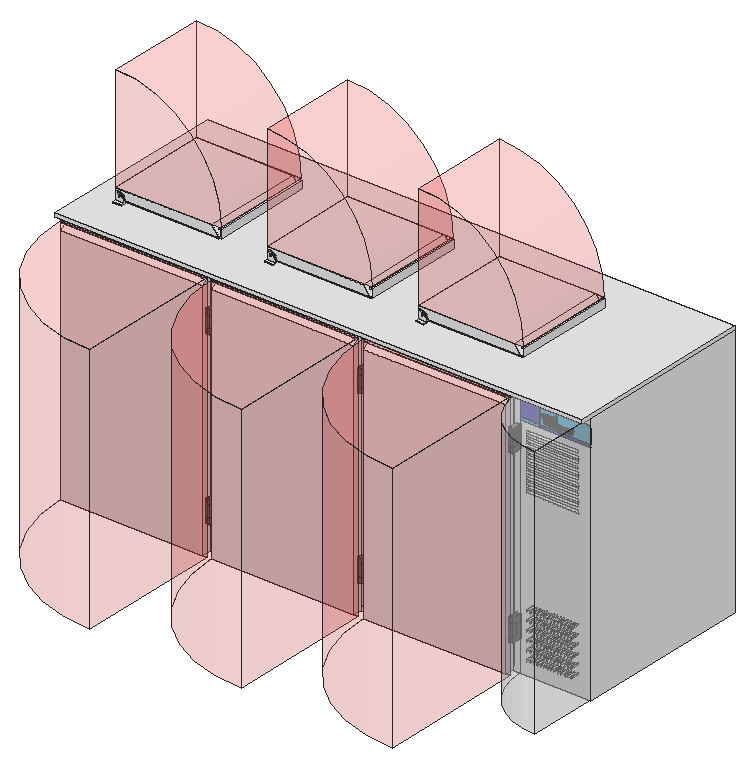
Revit family "QF_Cool-Compact_Abfallkuehler_3x240L_EK", category Sonderausstattung, Revit 2020 (continued)
Automatic sketch dimensions
  Extrusion 62 sketch curve to Extrusion 62 sketch curve = 17 mm
  plane 3 "Vorne" to Extrusion 12 sketch curve = 221.5 mm
  plane 3 "Vorne" to Extrusion 17 sketch curve = 210 mm
  plane 3 "Vorne" to Extrusion 18 sketch curve = 210 mm
  plane 3 "Vorne" to Extrusion 19 sketch curve = 190 mm
  Extrusion 19 sketch curve to Extrusion 19 sketch curve = 17 mm
  plane 3 "Vorne" to Extrusion 45 sketch curve = 221.5 mm
  plane 3 "Vorne" to Extrusion 48 sketch curve = 210 mm
  plane 3 "Vorne" to Extrusion 49 sketch curve = 210 mm
  plane 3 "Vorne" to Extrusion 50 sketch curve = 190 mm
  Extrusion 50 sketch curve to Extrusion 50 sketch curve = 17 mm
  plane 3 "Vorne" to Extrusion 56 sketch curve = 221.5 mm
  plane 3 "Vorne" to Extrusion 59 sketch curve = 210 mm
  plane 3 "Vorne" to Extrusion 60 sketch curve = 210 mm
  plane 3 "Vorne" to Extrusion 61 sketch curve = 190 mm
  Extrusion 61 sketch curve to Extrusion 61 sketch curve = 17 mm
  plane 6 "Hinten" to Extrusion 1 sketch curve = 0 mm
  plane 6 "Hinten" to Extrusion 7 sketch curve = 0 mm
  plane 6 "Hinten" to Extrusion 24 sketch curve = 15 mm
  Extrusion 24 sketch curve to Extrusion 24 sketch curve = 15 mm
  plane 6 "Hinten" to Extrusion 27 sketch curve = 0 mm
  plane 6 "Hinten" to Extrusion 28 sketch curve = 15 mm
  Extrusion 28 sketch curve to Extrusion 28 sketch curve = 15 mm
  plane 6 "Hinten" to Extrusion 30 sketch curve = 50 mm
  plane 7 "Mitte (Vorne/hinten)" to Extrusion 12 sketch curve = 223.5 mm
  plane 7 "Mitte (Vorne/hinten)" to Extrusion 17 sketch curve = 235 mm
  plane 7 "Mitte (Vorne/hinten)" to Extrusion 18 sketch curve = 235 mm
  Extrusion 20 sketch curve to plane 7 "Mitte (Vorne/hinten)" = 255 mm
  plane 7 "Mitte (Vorne/hinten)" to Extrusion 45 sketch curve = 223.5 mm
  plane 7 "Mitte (Vorne/hinten)" to Extrusion 48 sketch curve = 235 mm
  plane 7 "Mitte (Vorne/hinten)" to Extrusion 49 sketch curve = 235 mm
  Extrusion 51 sketch curve to plane 7 "Mitte (Vorne/hinten)" = 255 mm
  plane 7 "Mitte (Vorne/hinten)" to Extrusion 56 sketch curve = 223.5 mm
  plane 7 "Mitte (Vorne/hinten)" to Extrusion 59 sketch curve = 235 mm
  plane 7 "Mitte (Vorne/hinten)" to Extrusion 60 sketch curve = 235 mm
  Extrusion 62 sketch curve to plane 7 "Mitte (Vorne/hinten)" = 255 mm
  curve 27 to plane 7 "Mitte (Vorne/hinten)" = 0 mm
  curve 28 to plane 3 "Vorne" = 0 mm
  curve 30 to plane 7 "Mitte (Vorne/hinten)" = 0 mm
  curve 32 to plane 3 "Vorne" = 0 mm
  curve 31 to plane 7 "Mitte (Vorne/hinten)" = 0 mm
  curve 34 to plane 3 "Vorne" = 0 mm
  curve 36 to plane 3 "Vorne" = 0 mm
  curve 36 to plane 4 "Rechts" = 0 mm
  plane 4 "Rechts" to curve 34 = 322.5 mm
  plane 5 "Mitte (Links/rechts)" to curve 31 = 530.5 mm
  plane 5 "Mitte (Links/rechts)" to curve 32 = 187.5 mm
  curve 30 to plane 5 "Mitte (Links/rechts)" = 159.5 mm
  curve 28 to plane 5 "Mitte (Links/rechts)" = 502.5 mm
  plane 2 "Links" to curve 27 = 350.5 mm
  curve 29 to curve 28 = 1 mm
  curve 35 to curve 34 = 1 mm
  curve 33 to curve 32 = 1 mm
  curve 37 to plane 3 "Vorne" = 265 mm
  curve 34 to curve 36 = 406 mm
  curve 32 to curve 33 = 670 mm
  curve 28 to curve 29 = 670 mm
  plane 3 "Vorne" to curve 36 = 55 mm
  curve 37 to curve 36 = 0 mm
  curve 26 to plane 8 "Oben" = 130.804 mm
  curve 13 to plane 8 "Oben" = 130.804 mm
  curve 25 to curve 26 = 3.486 mm
  curve 17 to curve 14 = 22.464 mm
  Extrusion 2 sketch curve to plane 8 "Oben" = 125.109 mm
  Extrusion 2 sketch curve to Extrusion 2 sketch curve = 7.77 mm
  Extrusion 2 sketch curve to Extrusion 2 sketch curve = 0.835 mm
  Extrusion 2 sketch curve to Extrusion 2 sketch curve = 9.27 mm
  Extrusion 2 sketch curve to Extrusion 2 sketch curve = 9.07 mm
  Extrusion 2 sketch curve to Extrusion 2 sketch curve = 1.513 mm  (x6)
  Extrusion 2 sketch curve to Extrusion 2 sketch curve = 1.789 mm
  Extrusion 2 sketch curve to Extrusion 2 sketch curve = 1.485 mm  (x3)
  Extrusion 2 sketch curve to Extrusion 2 sketch curve = 1.492 mm  (x2)
  Extrusion 2 sketch curve to Extrusion 2 sketch curve = 1.51 mm  (x3)
  Extrusion 2 sketch curve to Extrusion 2 sketch curve = 1.636 mm  (x3)
  Extrusion 2 sketch curve to Extrusion 2 sketch curve = 0.498 mm  (x3)
  Extrusion 2 sketch curve to Extrusion 2 sketch curve = 0.499 mm
  Extrusion 2 sketch curve to Extrusion 2 sketch curve = 1.481 mm  (x3)
  Extrusion 2 sketch curve to Extrusion 2 sketch curve = 2.523 mm  (x4)
  Extrusion 2 sketch curve to Extrusion 2 sketch curve = 1.63 mm  (x5)
  Extrusion 2 sketch curve to Extrusion 2 sketch curve = 1.637 mm  (x3)
  Extrusion 2 sketch curve to Extrusion 2 sketch curve = 1.054 mm  (x6)
  Extrusion 2 sketch curve to Extrusion 2 sketch curve = 1.391 mm
  Extrusion 2 sketch curve to Extrusion 2 sketch curve = 1.615 mm
  Extrusion 2 sketch curve to Extrusion 2 sketch curve = 1.617 mm
  Extrusion 2 sketch curve to Extrusion 2 sketch curve = 1.523 mm  (x6)
  Extrusion 2 sketch curve to Extrusion 2 sketch curve = 2.806 mm  (x3)
  Extrusion 2 sketch curve to Extrusion 2 sketch curve = 2.81 mm
  Extrusion 2 sketch curve to Extrusion 2 sketch curve = 2.034 mm
  Extrusion 2 sketch curve to Extrusion 2 sketch curve = 5.063 mm
  Extrusion 2 sketch curve to Extrusion 2 sketch curve = 1.354 mm  (x4)
  Extrusion 2 sketch curve to Extrusion 2 sketch curve = 1.353 mm  (x2)
  Extrusion 2 sketch curve to Extrusion 2 sketch curve = 1.536 mm
  Extrusion 2 sketch curve to Extrusion 2 sketch curve = 0.774 mm
  Extrusion 2 sketch curve to Extrusion 2 sketch curve = 0.777 mm  (x2)
  Extrusion 2 sketch curve to Extrusion 2 sketch curve = 0.853 mm
  Extrusion 2 sketch curve to Extrusion 2 sketch curve = 0.424 mm
  Extrusion 2 sketch curve to Extrusion 2 sketch curve = 0.966 mm  (x2)
  Extrusion 2 sketch curve to Extrusion 2 sketch curve = 0.967 mm  (x3)
  Extrusion 2 sketch curve to Extrusion 2 sketch curve = 3.079 mm
  Extrusion 2 sketch curve to Extrusion 2 sketch curve = 2.624 mm
  Extrusion 2 sketch curve to Extrusion 2 sketch curve = 2.808 mm  (x3)
  Extrusion 2 sketch curve to Extrusion 2 sketch curve = 2.813 mm  (x3)
  Extrusion 2 sketch curve to Extrusion 2 sketch curve = 1.611 mm
  Extrusion 2 sketch curve to Extrusion 2 sketch curve = 1.61 mm  (x3)
  Extrusion 2 sketch curve to Extrusion 2 sketch curve = 1.991 mm  (x3)
  Extrusion 2 sketch curve to Extrusion 2 sketch curve = 1.593 mm  (x3)
  Extrusion 2 sketch curve to Extrusion 2 sketch curve = 1.6 mm  (x2)
  Extrusion 2 sketch curve to Extrusion 2 sketch curve = 2.167 mm
  Extrusion 2 sketch curve to Extrusion 2 sketch curve = 2.508 mm
  Extrusion 2 sketch curve to Extrusion 2 sketch curve = 2.551 mm  (x2)
  Extrusion 2 sketch curve to Extrusion 2 sketch curve = 0.503 mm  (x3)
  Extrusion 2 sketch curve to Extrusion 2 sketch curve = 0.519 mm  (x2)
  Extrusion 2 sketch curve to Extrusion 2 sketch curve = 2.205 mm
  Extrusion 2 sketch curve to Extrusion 2 sketch curve = 1.505 mm
  Extrusion 2 sketch curve to Extrusion 2 sketch curve = 1.506 mm
  Extrusion 2 sketch curve to Extrusion 2 sketch curve = 1.514 mm  (x2)
  Extrusion 2 sketch curve to Extrusion 2 sketch curve = 4.655 mm
  Extrusion 2 sketch curve to Extrusion 2 sketch curve = 3.997 mm
  Extrusion 2 sketch curve to Extrusion 2 sketch curve = 1.791 mm
  Extrusion 2 sketch curve to Extrusion 2 sketch curve = 1.493 mm  (x3)
  Extrusion 2 sketch curve to Extrusion 2 sketch curve = 1.511 mm  (x3)
  Extrusion 2 sketch curve to Extrusion 2 sketch curve = 0.5 mm  (x2)
  Extrusion 2 sketch curve to Extrusion 2 sketch curve = 1.961 mm
  Extrusion 2 sketch curve to Extrusion 2 sketch curve = 4.15 mm  (x2)
  Extrusion 2 sketch curve to Extrusion 2 sketch curve = 2.521 mm  (x2)
  Extrusion 2 sketch curve to Extrusion 2 sketch curve = 1.526 mm
  Extrusion 2 sketch curve to Extrusion 2 sketch curve = 1.614 mm  (x2)
  Extrusion 2 sketch curve to Extrusion 2 sketch curve = 1.616 mm  (x2)
  Extrusion 2 sketch curve to Extrusion 2 sketch curve = 1.524 mm  (x4)
  Extrusion 2 sketch curve to Extrusion 2 sketch curve = 2.811 mm  (x2)
  Extrusion 2 sketch curve to Extrusion 2 sketch curve = 2.035 mm
  Extrusion 2 sketch curve to Extrusion 2 sketch curve = 2.036 mm
  Extrusion 2 sketch curve to Extrusion 2 sketch curve = 5.072 mm
  Extrusion 2 sketch curve to Extrusion 2 sketch curve = 1.351 mm  (x2)
  Extrusion 2 sketch curve to Extrusion 2 sketch curve = 1.352 mm  (x2)
  Extrusion 2 sketch curve to Extrusion 2 sketch curve = 1.533 mm  (x2)
  Extrusion 2 sketch curve to Extrusion 2 sketch curve = 0.778 mm  (x4)
  Extrusion 2 sketch curve to Extrusion 2 sketch curve = 1.355 mm  (x2)
  Extrusion 2 sketch curve to Extrusion 2 sketch curve = 1.631 mm  (x2)
  Extrusion 2 sketch curve to Extrusion 2 sketch curve = 1.632 mm  (x2)
  Extrusion 2 sketch curve to Extrusion 2 sketch curve = 0.57 mm
  Extrusion 2 sketch curve to Extrusion 2 sketch curve = 0.965 mm
  Extrusion 2 sketch curve to Extrusion 2 sketch curve = 1.522 mm  (x2)
  Extrusion 2 sketch curve to Extrusion 2 sketch curve = 1.608 mm  (x2)
  Extrusion 2 sketch curve to Extrusion 2 sketch curve = 2.371 mm
  Extrusion 2 sketch curve to Extrusion 2 sketch curve = 1.601 mm
  Extrusion 2 sketch curve to Extrusion 2 sketch curve = 2.552 mm  (x2)
  Extrusion 2 sketch curve to Extrusion 2 sketch curve = 2.553 mm  (x2)
  Extrusion 2 sketch curve to Extrusion 2 sketch curve = 2.64 mm
  Extrusion 2 sketch curve to Extrusion 2 sketch curve = 0.502 mm  (x3)
  Extrusion 2 sketch curve to Extrusion 2 sketch curve = 0.517 mm
  Extrusion 2 sketch curve to Extrusion 2 sketch curve = 0.518 mm  (x3)
  Extrusion 3 sketch curve to plane 8 "Oben" = 136.7 mm
  Extrusion 3 sketch curve to Extrusion 3 sketch curve = 11.591 mm
  Extrusion 5 sketch curve to plane 8 "Oben" = 125.104 mm
  Extrusion 5 sketch curve to Extrusion 5 sketch curve = 1.3 mm
  Extrusion 5 sketch curve to Extrusion 5 sketch curve = 9.27 mm
  Extrusion 5 sketch curve to Extrusion 5 sketch curve = 0.835 mm
  Extrusion 5 sketch curve to Extrusion 5 sketch curve = 1.789 mm
  Extrusion 5 sketch curve to Extrusion 5 sketch curve = 1.492 mm  (x2)
  Extrusion 5 sketch curve to Extrusion 5 sketch curve = 1.485 mm  (x3)
  Extrusion 5 sketch curve to Extrusion 5 sketch curve = 1.51 mm  (x4)
  Extrusion 5 sketch curve to Extrusion 5 sketch curve = 1.636 mm  (x3)
  Extrusion 5 sketch curve to Extrusion 5 sketch curve = 0.498 mm  (x3)
  Extrusion 5 sketch curve to Extrusion 5 sketch curve = 0.499 mm
  Extrusion 5 sketch curve to Extrusion 5 sketch curve = 1.481 mm  (x3)
  Extrusion 5 sketch curve to Extrusion 5 sketch curve = 2.523 mm  (x4)
  Extrusion 5 sketch curve to Extrusion 5 sketch curve = 1.63 mm  (x5)
  Extrusion 5 sketch curve to Extrusion 5 sketch curve = 1.637 mm  (x3)
  Extrusion 5 sketch curve to Extrusion 5 sketch curve = 1.054 mm  (x6)
  Extrusion 5 sketch curve to Extrusion 5 sketch curve = 1.391 mm
  Extrusion 5 sketch curve to Extrusion 5 sketch curve = 1.615 mm
  Extrusion 5 sketch curve to Extrusion 5 sketch curve = 1.617 mm
  Extrusion 5 sketch curve to Extrusion 5 sketch curve = 1.523 mm  (x6)
  Extrusion 5 sketch curve to Extrusion 5 sketch curve = 2.806 mm  (x3)
  Extrusion 5 sketch curve to Extrusion 5 sketch curve = 2.81 mm
  Extrusion 5 sketch curve to Extrusion 5 sketch curve = 2.034 mm
  Extrusion 5 sketch curve to Extrusion 5 sketch curve = 5.063 mm
  Extrusion 5 sketch curve to Extrusion 5 sketch curve = 1.353 mm  (x2)
  Extrusion 5 sketch curve to Extrusion 5 sketch curve = 1.354 mm  (x4)
  Extrusion 5 sketch curve to Extrusion 5 sketch curve = 1.536 mm
  Extrusion 5 sketch curve to Extrusion 5 sketch curve = 1.948 mm
  Extrusion 5 sketch curve to Extrusion 5 sketch curve = 0.777 mm  (x2)
  Extrusion 5 sketch curve to Extrusion 5 sketch curve = 0.619 mm
  Extrusion 5 sketch curve to Extrusion 5 sketch curve = 1.508 mm  (x5)
  Extrusion 5 sketch curve to Extrusion 5 sketch curve = 0.424 mm
  Extrusion 5 sketch curve to Extrusion 5 sketch curve = 0.966 mm  (x2)
  Extrusion 5 sketch curve to Extrusion 5 sketch curve = 0.967 mm  (x3)
  Extrusion 5 sketch curve to Extrusion 5 sketch curve = 2.808 mm  (x3)
  Extrusion 5 sketch curve to Extrusion 5 sketch curve = 2.813 mm  (x3)
  Extrusion 5 sketch curve to Extrusion 5 sketch curve = 3.359 mm
  Extrusion 5 sketch curve to Extrusion 5 sketch curve = 1.611 mm
  Extrusion 5 sketch curve to Extrusion 5 sketch curve = 1.61 mm  (x3)
  Extrusion 5 sketch curve to Extrusion 5 sketch curve = 1.991 mm  (x3)
  Extrusion 5 sketch curve to Extrusion 5 sketch curve = 1.593 mm  (x3)
  Extrusion 5 sketch curve to Extrusion 5 sketch curve = 1.6 mm  (x2)
  Extrusion 5 sketch curve to Extrusion 5 sketch curve = 2.167 mm
  Extrusion 5 sketch curve to Extrusion 5 sketch curve = 2.178 mm
  Extrusion 5 sketch curve to Extrusion 5 sketch curve = 2.508 mm
  Extrusion 5 sketch curve to Extrusion 5 sketch curve = 2.551 mm  (x2)
  Extrusion 5 sketch curve to Extrusion 5 sketch curve = 0.503 mm  (x3)
  Extrusion 5 sketch curve to Extrusion 5 sketch curve = 0.519 mm  (x2)
  Extrusion 5 sketch curve to Extrusion 5 sketch curve = 1.505 mm
  Extrusion 5 sketch curve to Extrusion 5 sketch curve = 1.506 mm
  Extrusion 5 sketch curve to Extrusion 5 sketch curve = 1.515 mm
  Extrusion 5 sketch curve to Extrusion 5 sketch curve = 4.655 mm
  Extrusion 5 sketch curve to Extrusion 5 sketch curve = 3.362 mm
  Extrusion 5 sketch curve to Extrusion 5 sketch curve = 3.997 mm
  Extrusion 5 sketch curve to Extrusion 5 sketch curve = 1.514 mm
  Extrusion 5 sketch curve to Extrusion 5 sketch curve = 1.791 mm
  Extrusion 5 sketch curve to Extrusion 5 sketch curve = 1.493 mm  (x3)
  Extrusion 5 sketch curve to Extrusion 5 sketch curve = 1.511 mm  (x3)
  Extrusion 5 sketch curve to Extrusion 5 sketch curve = 0.5 mm  (x2)
  Extrusion 5 sketch curve to Extrusion 5 sketch curve = 4.15 mm  (x2)
  Extrusion 5 sketch curve to Extrusion 5 sketch curve = 2.521 mm  (x2)
  Extrusion 5 sketch curve to Extrusion 5 sketch curve = 1.526 mm
  Extrusion 5 sketch curve to Extrusion 5 sketch curve = 1.614 mm  (x2)
  Extrusion 5 sketch curve to Extrusion 5 sketch curve = 1.616 mm  (x2)
  Extrusion 5 sketch curve to Extrusion 5 sketch curve = 1.524 mm  (x4)
  Extrusion 5 sketch curve to Extrusion 5 sketch curve = 2.811 mm  (x2)
  Extrusion 5 sketch curve to Extrusion 5 sketch curve = 2.035 mm
  Extrusion 5 sketch curve to Extrusion 5 sketch curve = 2.036 mm
  Extrusion 5 sketch curve to Extrusion 5 sketch curve = 5.072 mm
  Extrusion 5 sketch curve to Extrusion 5 sketch curve = 1.352 mm  (x2)
  Extrusion 5 sketch curve to Extrusion 5 sketch curve = 1.351 mm  (x2)
  Extrusion 5 sketch curve to Extrusion 5 sketch curve = 1.533 mm  (x2)
  Extrusion 5 sketch curve to Extrusion 5 sketch curve = 0.778 mm  (x4)
  Extrusion 5 sketch curve to Extrusion 5 sketch curve = 1.355 mm  (x2)
  Extrusion 5 sketch curve to Extrusion 5 sketch curve = 1.631 mm  (x2)
  Extrusion 5 sketch curve to Extrusion 5 sketch curve = 1.632 mm  (x2)
  Extrusion 5 sketch curve to Extrusion 5 sketch curve = 0.57 mm
  Extrusion 5 sketch curve to Extrusion 5 sketch curve = 0.965 mm
  Extrusion 5 sketch curve to Extrusion 5 sketch curve = 1.522 mm  (x2)
  Extrusion 5 sketch curve to Extrusion 5 sketch curve = 1.608 mm  (x2)
  Extrusion 5 sketch curve to Extrusion 5 sketch curve = 2.371 mm
  Extrusion 5 sketch curve to Extrusion 5 sketch curve = 1.601 mm
  Extrusion 5 sketch curve to Extrusion 5 sketch curve = 2.552 mm  (x2)
  Extrusion 5 sketch curve to Extrusion 5 sketch curve = 2.553 mm  (x2)
  Extrusion 5 sketch curve to Extrusion 5 sketch curve = 2.64 mm
  Extrusion 5 sketch curve to Extrusion 5 sketch curve = 0.502 mm  (x3)
  Extrusion 5 sketch curve to Extrusion 5 sketch curve = 0.518 mm  (x3)
  Extrusion 5 sketch curve to Extrusion 5 sketch curve = 0.517 mm
  Extrusion 5 sketch curve to Extrusion 5 sketch curve = 1.512 mm
  Extrusion 8 sketch curve to plane 8 "Oben" = 61.31 mm
  Extrusion 8 sketch curve to Extrusion 8 sketch curve = 28.71 mm
  Extrusion 8 sketch curve to Extrusion 8 sketch curve = 30.91 mm
  Extrusion 9 sketch curve to plane 8 "Oben" = 16 mm
  plane 8 "Oben" to Extrusion 10 sketch curve = 52 mm
  Extrusion 10 sketch curve to Extrusion 10 sketch curve = 5 mm
  Extrusion 10 sketch curve to Extrusion 10 sketch curve = 32.6 mm
  plane 8 "Oben" to Extrusion 11 sketch curve = 41.431 mm
  Extrusion 11 sketch curve to Extrusion 11 sketch curve = 0.264 mm
  Extrusion 11 sketch curve to Extrusion 11 sketch curve = 17.459 mm
  Extrusion 11 sketch curve to Extrusion 11 sketch curve = 12.541 mm
  plane 8 "Oben" to Extrusion 13 sketch curve = 29 mm
  Extrusion 14 sketch curve to Extrusion 14 sketch curve = 0 mm
  plane 8 "Oben" to Extrusion 14 sketch curve = 25 mm
  Extrusion 15 sketch curve to plane 8 "Oben" = 39.5 mm
  Extrusion 16 sketch curve to plane 8 "Oben" = 30 mm
  Extrusion 21 sketch curve to plane 8 "Oben" = 0 mm
  Extrusion 21 sketch curve to Extrusion 21 sketch curve = 12.541 mm
  Extrusion 21 sketch curve to Extrusion 21 sketch curve = 11.959 mm
  Extrusion 21 sketch curve to Extrusion 21 sketch curve = 2.001 mm
  Extrusion 25 sketch curve to plane 8 "Oben" = 52 mm
  Extrusion 26 sketch curve to plane 8 "Oben" = 16 mm
  Extrusion 31 sketch curve to plane 8 "Oben" = 155 mm
  plane 8 "Oben" to Extrusion 32 sketch curve = 257 mm
  plane 8 "Oben" to Extrusion 43 sketch curve = 52 mm
  Extrusion 43 sketch curve to Extrusion 43 sketch curve = 5 mm
  plane 8 "Oben" to Extrusion 44 sketch curve = 41.431 mm
  Extrusion 44 sketch curve to Extrusion 44 sketch curve = 12.541 mm
  plane 8 "Oben" to Extrusion 46 sketch curve = 29 mm
  Extrusion 47 sketch curve to Extrusion 47 sketch curve = 0 mm
  plane 8 "Oben" to Extrusion 47 sketch curve = 25 mm
  Extrusion 52 sketch curve to plane 8 "Oben" = 0 mm
  Extrusion 52 sketch curve to Extrusion 52 sketch curve = 12.541 mm
  Extrusion 53 sketch curve to plane 8 "Oben" = 52 mm
  plane 8 "Oben" to Extrusion 54 sketch curve = 52 mm
  Extrusion 54 sketch curve to Extrusion 54 sketch curve = 32.6 mm
  plane 8 "Oben" to Extrusion 55 sketch curve = 41.431 mm
  Extrusion 55 sketch curve to Extrusion 55 sketch curve = 12.541 mm
  plane 8 "Oben" to Extrusion 57 sketch curve = 29 mm
  Extrusion 58 sketch curve to Extrusion 58 sketch curve = 0 mm
  plane 8 "Oben" to Extrusion 58 sketch curve = 25 mm
  Extrusion 63 sketch curve to plane 8 "Oben" = 0 mm
  Extrusion 63 sketch curve to Extrusion 63 sketch curve = 12.541 mm
  Extrusion 64 sketch curve to plane 8 "Oben" = 52 mm
  Extrusion 65 sketch curve to plane 8 "Oben" = 39.5 mm
  Extrusion 66 sketch curve to plane 8 "Oben" = 30 mm
  Extrusion 69 sketch curve to plane 8 "Oben" = 155 mm
  plane 8 "Oben" to Extrusion 70 sketch curve = 257 mm
  Extrusion 80 sketch curve to plane 8 "Oben" = 61.31 mm
  Extrusion 80 sketch curve to Extrusion 80 sketch curve = 28.71 mm
  Extrusion 80 sketch curve to Extrusion 80 sketch curve = 30.91 mm
  Extrusion 81 sketch curve to plane 8 "Oben" = 39.5 mm
  Extrusion 82 sketch curve to plane 8 "Oben" = 30 mm
  Extrusion 85 sketch curve to plane 8 "Oben" = 155 mm
  plane 8 "Oben" to Extrusion 86 sketch curve = 257 mm
  Extrusion 96 sketch curve to plane 8 "Oben" = 61.31 mm
  Extrusion 96 sketch curve to Extrusion 96 sketch curve = 28.71 mm
  Extrusion 96 sketch curve to Extrusion 96 sketch curve = 30.91 mm
  radius of Extrusion 4 sketch curve to Extrusion 2 = 0 mm
  radius of Extrusion 6 sketch curve to Extrusion 2 = 0 mm
  radius of Extrusion 13 sketch curve = 3 mm  (x2)
  radius of Extrusion 14 sketch curve = 3 mm
  radius of Extrusion 30 sketch curve = 7.5 mm
  radius of Extrusion 33 sketch curve = 3 mm
  radius of Extrusion 34 sketch curve = 3 mm
  radius of Extrusion 37 sketch curve = 3 mm
  radius of Extrusion 38 sketch curve = 3 mm
  radius of Extrusion 41 sketch curve = 25 mm
  radius of Extrusion 46 sketch curve = 3 mm  (x2)
  radius of Extrusion 47 sketch curve = 3 mm
  radius of Extrusion 57 sketch curve = 3 mm  (x2)
  radius of Extrusion 58 sketch curve = 3 mm
  radius of Extrusion 71 sketch curve = 3 mm
  radius of Extrusion 72 sketch curve = 3 mm
  radius of Extrusion 75 sketch curve = 3 mm
  radius of Extrusion 76 sketch curve = 3 mm
  radius of Extrusion 87 sketch curve = 3 mm
  radius of Extrusion 88 sketch curve = 3 mm
  radius of Extrusion 91 sketch curve = 3 mm
  radius of Extrusion 92 sketch curve = 3 mm
  radius of curve 27 = 170 mm
  radius of curve 30 = 170 mm
  radius of curve 31 = 170 mm
Connectors
  electrical at (2200, 100, 500), driven by "Spannung", driven by "Watt Leistung", driven by "Stecker System", driven by "Anzahl der Pole"
    settings: on Extrusion 30, index 1, voltage 230 V, apparent load 0 VA, apparent load phase1 400 VA, apparent load phase2 0 VA, apparent load phase3 0 VA, power factor 1, load classification "Sonstige", number of poles 1, system type 31, power factor state 1, is connector primary yes, connector utility no, sub classification motor no, connector description "Schuko / T13"
